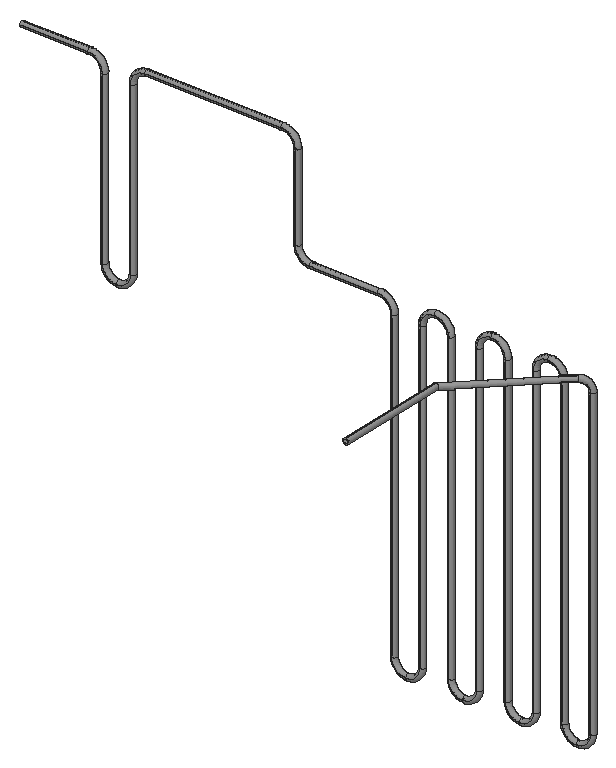
Revit family "pipes2", category Generic Models, Revit 2022
Family settings
  Can host rebar = No
  Round Connector Dimension = Use Diameter
  Part Type = Normal
  Work Plane-Based = No
  Always vertical = Yes
  Cut with Voids When Loaded = No
  Maintain Annotation Orientation = No
  Shared = No
  Room Calculation Point = No
Parameters
  Default Elevation = 0' - 0"
Reference planes (in)
  plane 1 "Center (Front/Back)": y = 0
  plane 2: z = 0
  plane 3 "Center (Left/Right)": x = 0
Forms (in)
  Sweep 1, solid, material "Default New Material"
    path in 3D
      loop
        line (-18.53535, -14.2729, 15.25) -> (-18.53535, -9.2729, 15.25) -> (-15.05229, -5.78984, 15.25)
        arc (-15.05229, -5.78984, 15.25) -> (-14.73979, -5.47734, 15.06694) -> (-14.61035, -5.3479, 14.625) r 0.625
        line (-14.61035, -5.3479, 14.625) -> (-14.61035, -5.3479, 1.125)
        arc (-14.61035, -5.3479, 1.125) -> (-14.79341, -5.3479, 0.68306) -> (-15.23535, -5.3479, 0.5) r 0.625
        arc (-15.23535, -5.3479, 0.5) -> (-15.67729, -5.3479, 0.68306) -> (-15.86035, -5.3479, 1.125) r 0.625
        line (-15.86035, -5.3479, 1.125) -> (-15.86035, -5.3479, 14.625)
        arc (-15.86035, -5.3479, 14.625) -> (-16.04341, -5.3479, 15.06694) -> (-16.48535, -5.3479, 15.25) r 0.625
        arc (-16.48535, -5.3479, 15.25) -> (-16.92729, -5.3479, 15.06694) -> (-17.11035, -5.3479, 14.625) r 0.625
        line (-17.11035, -5.3479, 14.625) -> (-17.11035, -5.3479, 1.125)
        arc (-17.11035, -5.3479, 1.125) -> (-17.29341, -5.3479, 0.68306) -> (-17.73535, -5.3479, 0.5) r 0.625
        arc (-17.73535, -5.3479, 0.5) -> (-18.17729, -5.3479, 0.68306) -> (-18.36035, -5.3479, 1.125) r 0.625
        line (-18.36035, -5.3479, 1.125) -> (-18.36035, -5.3479, 14.625)
        arc (-18.36035, -5.3479, 14.625) -> (-18.54341, -5.3479, 15.06694) -> (-18.98535, -5.3479, 15.25) r 0.625
        arc (-18.98535, -5.3479, 15.25) -> (-19.42729, -5.3479, 15.06694) -> (-19.61035, -5.3479, 14.625) r 0.625
        line (-19.61035, -5.3479, 14.625) -> (-19.61035, -5.3479, 1.125)
        arc (-19.61035, -5.3479, 1.125) -> (-19.79341, -5.3479, 0.68306) -> (-20.23535, -5.3479, 0.5) r 0.625
        arc (-20.23535, -5.3479, 0.5) -> (-20.67729, -5.3479, 0.68306) -> (-20.86035, -5.3479, 1.125) r 0.625
        line (-20.86035, -5.3479, 1.125) -> (-20.86035, -5.3479, 14.625)
        arc (-20.86035, -5.3479, 14.625) -> (-21.04341, -5.3479, 15.06694) -> (-21.48535, -5.3479, 15.25) r 0.625
        arc (-21.48535, -5.3479, 15.25) -> (-21.92729, -5.3479, 15.06694) -> (-22.11035, -5.3479, 14.625) r 0.625
        line (-22.11035, -5.3479, 14.625) -> (-22.11035, -5.3479, 1.125)
        arc (-22.11035, -5.3479, 1.125) -> (-22.29341, -5.3479, 0.68306) -> (-22.73535, -5.3479, 0.5) r 0.625
        arc (-22.73535, -5.3479, 0.5) -> (-23.17729, -5.3479, 0.68306) -> (-23.36035, -5.3479, 1.125) r 0.625
        line (-23.36035, -5.3479, 1.125) -> (-23.36035, -5.3479, 14.625)
        arc (-23.36035, -5.3479, 14.625) -> (-23.54341, -5.3479, 15.06694) -> (-23.98535, -5.3479, 15.25) r 0.625
        line (-23.98535, -5.3479, 15.25) -> (-26.98535, -5.3479, 15.25)
        arc (-26.98535, -5.3479, 15.25) -> (-27.42729, -5.3479, 15.43306) -> (-27.61035, -5.3479, 15.875) r 0.625
        line (-27.61035, -5.3479, 15.875) -> (-27.61035, -5.3479, 19.675)
        arc (-27.61035, -5.3479, 19.675) -> (-27.79341, -5.3479, 20.11694) -> (-28.23535, -5.3479, 20.3) r 0.625
        line (-28.23535, -5.3479, 20.3) -> (-34.23535, -5.3479, 20.3)
        arc (-34.23535, -5.3479, 20.3) -> (-34.67729, -5.3479, 20.11694) -> (-34.86035, -5.3479, 19.675) r 0.625
        line (-34.86035, -5.3479, 19.675) -> (-34.86035, -5.3479, 12.175)
        arc (-34.86035, -5.3479, 12.175) -> (-35.04341, -5.3479, 11.73306) -> (-35.48535, -5.3479, 11.55) r 0.625
        arc (-35.48535, -5.3479, 11.55) -> (-35.92729, -5.3479, 11.73306) -> (-36.11035, -5.3479, 12.175) r 0.625
        line (-36.11035, -5.3479, 12.175) -> (-36.11035, -5.3479, 19.675)
        arc (-36.11035, -5.3479, 19.675) -> (-36.29341, -5.3479, 20.11694) -> (-36.73535, -5.3479, 20.3) r 0.625
        line (-36.73535, -5.3479, 20.3) -> (-39.73535, -5.3479, 20.3)
    profile origin (-23.36035, -5.3479, 7.875) x (-1, 0, 0) y (0, -1, 0)
      loop
        circle (0, 0.125) r 0.125
      loop
        circle (0, 0.125) r 0.09375
Lines and regions (in)
  model lines
    curve 1: line (-14.61035, -5.3479, 14.625) -> (-14.61035, -5.3479, 1.125)
    curve 2: arc (-15.23535, -5.3479, 0.5) -> (-14.79341, -5.3479, 0.68306) -> (-14.61035, -5.3479, 1.125) r 0.625
    curve 3: arc (-17.73535, -5.3479, 0.5) -> (-17.29341, -5.3479, 0.68306) -> (-17.11035, -5.3479, 1.125) r 0.625
    curve 4: line (-17.11035, -5.3479, 1.125) -> (-17.11035, -5.3479, 14.625)
    curve 5: arc (-16.48535, -5.3479, 15.25) -> (-16.92729, -5.3479, 15.06694) -> (-17.11035, -5.3479, 14.625) r 0.625
    curve 6: arc (-15.86035, -5.3479, 1.125) -> (-15.67729, -5.3479, 0.68306) -> (-15.23535, -5.3479, 0.5) r 0.625
    curve 7: arc (-15.86035, -5.3479, 14.625) -> (-16.04341, -5.3479, 15.06694) -> (-16.48535, -5.3479, 15.25) r 0.625
    curve 8: line (-15.86035, -5.3479, 1.125) -> (-15.86035, -5.3479, 14.625)
    curve 9: arc (-20.23535, -5.3479, 0.5) -> (-19.79341, -5.3479, 0.68306) -> (-19.61035, -5.3479, 1.125) r 0.625
    curve 10: line (-19.61035, -5.3479, 1.125) -> (-19.61035, -5.3479, 14.625)
    curve 11: arc (-18.98535, -5.3479, 15.25) -> (-19.42729, -5.3479, 15.06694) -> (-19.61035, -5.3479, 14.625) r 0.625
    curve 12: arc (-18.36035, -5.3479, 1.125) -> (-18.17729, -5.3479, 0.68306) -> (-17.73535, -5.3479, 0.5) r 0.625
    curve 13: arc (-18.36035, -5.3479, 14.625) -> (-18.54341, -5.3479, 15.06694) -> (-18.98535, -5.3479, 15.25) r 0.625
    curve 14: line (-18.36035, -5.3479, 1.125) -> (-18.36035, -5.3479, 14.625)
    curve 15: arc (-22.73535, -5.3479, 0.5) -> (-22.29341, -5.3479, 0.68306) -> (-22.11035, -5.3479, 1.125) r 0.625
    curve 16: line (-22.11035, -5.3479, 1.125) -> (-22.11035, -5.3479, 14.625)
    curve 17: arc (-21.48535, -5.3479, 15.25) -> (-21.92729, -5.3479, 15.06694) -> (-22.11035, -5.3479, 14.625) r 0.625
    curve 18: arc (-20.86035, -5.3479, 1.125) -> (-20.67729, -5.3479, 0.68306) -> (-20.23535, -5.3479, 0.5) r 0.625
    curve 19: arc (-20.86035, -5.3479, 14.625) -> (-21.04341, -5.3479, 15.06694) -> (-21.48535, -5.3479, 15.25) r 0.625
    curve 20: line (-20.86035, -5.3479, 1.125) -> (-20.86035, -5.3479, 14.625)
    curve 21: arc (-23.36035, -5.3479, 1.125) -> (-23.17729, -5.3479, 0.68306) -> (-22.73535, -5.3479, 0.5) r 0.625
    curve 22: line (-23.36035, -5.3479, 1.125) -> (-23.36035, -5.3479, 14.625)
    curve 23: arc (-6.33422, -5.72262, 18.43554) -> (-6.33422, -5.75333, 18.43479) -> (-6.33422, -5.78397, 18.43252) r 0.625
    curve 24: line (-18.53535, -14.2729, 15.25) -> (-18.53535, -9.2729, 15.25)
    curve 25: line (-15.05229, -5.78984, 15.25) -> (-18.53535, -9.2729, 15.25)
    curve 48: arc (-15.05229, -5.78984, 15.25) -> (-14.73979, -5.47734, 15.06694) -> (-14.61035, -5.3479, 14.625) r 0.625
    curve 52: arc (-23.36035, -5.3479, 14.625) -> (-23.54341, -5.3479, 15.06694) -> (-23.98535, -5.3479, 15.25) r 0.625
    curve 53: line (-23.98535, -5.3479, 15.25) -> (-26.98535, -5.3479, 15.25)
    curve 54: arc (-27.61035, -5.3479, 15.875) -> (-27.42729, -5.3479, 15.43306) -> (-26.98535, -5.3479, 15.25) r 0.625
    curve 55: line (-27.61035, -5.3479, 15.875) -> (-27.61035, -5.3479, 19.675)
    curve 56: arc (-27.61035, -5.3479, 19.675) -> (-27.79341, -5.3479, 20.11694) -> (-28.23535, -5.3479, 20.3) r 0.625
    curve 57: line (-28.23535, -5.3479, 20.3) -> (-34.23535, -5.3479, 20.3)
    curve 58: arc (-34.23535, -5.3479, 20.3) -> (-34.67729, -5.3479, 20.11694) -> (-34.86035, -5.3479, 19.675) r 0.625
    curve 59: line (-34.86035, -5.3479, 19.675) -> (-34.86035, -5.3479, 12.175)
    curve 60: arc (-35.48535, -5.3479, 11.55) -> (-35.04341, -5.3479, 11.73306) -> (-34.86035, -5.3479, 12.175) r 0.625
    curve 61: arc (-36.11035, -5.3479, 12.175) -> (-35.92729, -5.3479, 11.73306) -> (-35.48535, -5.3479, 11.55) r 0.625
    curve 62: line (-36.11035, -5.3479, 19.675) -> (-36.11035, -5.3479, 12.175)
    curve 63: arc (-36.11035, -5.3479, 19.675) -> (-36.29341, -5.3479, 20.11694) -> (-36.73535, -5.3479, 20.3) r 0.625
    curve 64: line (-36.73535, -5.3479, 20.3) -> (-39.73535, -5.3479, 20.3)
  sketch lines
    curve 26: line (-23.36035, -5.3479, 1.125) -> (-23.36035, -5.3479, 14.625)
    curve 27: arc (-23.36035, -5.3479, 1.125) -> (-23.17729, -5.3479, 0.68306) -> (-22.73535, -5.3479, 0.5) r 0.625
    curve 28: arc (-22.73535, -5.3479, 0.5) -> (-22.29341, -5.3479, 0.68306) -> (-22.11035, -5.3479, 1.125) r 0.625
    curve 29: line (-22.11035, -5.3479, 1.125) -> (-22.11035, -5.3479, 14.625)
    curve 30: arc (-21.48535, -5.3479, 15.25) -> (-21.92729, -5.3479, 15.06694) -> (-22.11035, -5.3479, 14.625) r 0.625
    curve 31: arc (-20.86035, -5.3479, 14.625) -> (-21.04341, -5.3479, 15.06694) -> (-21.48535, -5.3479, 15.25) r 0.625
    curve 32: line (-20.86035, -5.3479, 1.125) -> (-20.86035, -5.3479, 14.625)
    curve 33: arc (-20.86035, -5.3479, 1.125) -> (-20.67729, -5.3479, 0.68306) -> (-20.23535, -5.3479, 0.5) r 0.625
    curve 34: arc (-20.23535, -5.3479, 0.5) -> (-19.79341, -5.3479, 0.68306) -> (-19.61035, -5.3479, 1.125) r 0.625
    curve 35: line (-19.61035, -5.3479, 1.125) -> (-19.61035, -5.3479, 14.625)
    curve 36: arc (-18.98535, -5.3479, 15.25) -> (-19.42729, -5.3479, 15.06694) -> (-19.61035, -5.3479, 14.625) r 0.625
    curve 37: arc (-18.36035, -5.3479, 14.625) -> (-18.54341, -5.3479, 15.06694) -> (-18.98535, -5.3479, 15.25) r 0.625
    curve 38: line (-18.36035, -5.3479, 1.125) -> (-18.36035, -5.3479, 14.625)
    curve 39: arc (-18.36035, -5.3479, 1.125) -> (-18.17729, -5.3479, 0.68306) -> (-17.73535, -5.3479, 0.5) r 0.625
    curve 40: arc (-17.73535, -5.3479, 0.5) -> (-17.29341, -5.3479, 0.68306) -> (-17.11035, -5.3479, 1.125) r 0.625
    curve 41: line (-17.11035, -5.3479, 1.125) -> (-17.11035, -5.3479, 14.625)
    curve 42: arc (-16.48535, -5.3479, 15.25) -> (-16.92729, -5.3479, 15.06694) -> (-17.11035, -5.3479, 14.625) r 0.625
    curve 43: arc (-15.86035, -5.3479, 14.625) -> (-16.04341, -5.3479, 15.06694) -> (-16.48535, -5.3479, 15.25) r 0.625
    curve 44: line (-15.86035, -5.3479, 1.125) -> (-15.86035, -5.3479, 14.625)
    curve 45: arc (-15.86035, -5.3479, 1.125) -> (-15.67729, -5.3479, 0.68306) -> (-15.23535, -5.3479, 0.5) r 0.625
    curve 46: line (-14.61035, -5.3479, 14.625) -> (-14.61035, -5.3479, 1.125)
    curve 47: arc (-15.23535, -5.3479, 0.5) -> (-14.79341, -5.3479, 0.68306) -> (-14.61035, -5.3479, 1.125) r 0.625
    curve 49: arc (-15.05229, -5.78984, 15.25) -> (-14.73979, -5.47734, 15.06694) -> (-14.61035, -5.3479, 14.625) r 0.625
    curve 50: line (-15.05229, -5.78984, 15.25) -> (-18.53535, -9.2729, 15.25)
    curve 51: line (-18.53535, -14.2729, 15.25) -> (-18.53535, -9.2729, 15.25)
    curve 65: arc (-23.36035, -5.3479, 14.625) -> (-23.54341, -5.3479, 15.06694) -> (-23.98535, -5.3479, 15.25) r 0.625
    curve 66: line (-23.98535, -5.3479, 15.25) -> (-26.98535, -5.3479, 15.25)
    curve 67: arc (-27.61035, -5.3479, 15.875) -> (-27.42729, -5.3479, 15.43306) -> (-26.98535, -5.3479, 15.25) r 0.625
    curve 68: line (-27.61035, -5.3479, 15.875) -> (-27.61035, -5.3479, 19.675)
    curve 69: arc (-27.61035, -5.3479, 19.675) -> (-27.79341, -5.3479, 20.11694) -> (-28.23535, -5.3479, 20.3) r 0.625
    curve 70: line (-28.23535, -5.3479, 20.3) -> (-34.23535, -5.3479, 20.3)
    curve 71: arc (-34.23535, -5.3479, 20.3) -> (-34.67729, -5.3479, 20.11694) -> (-34.86035, -5.3479, 19.675) r 0.625
    curve 72: line (-34.86035, -5.3479, 19.675) -> (-34.86035, -5.3479, 12.175)
    curve 73: arc (-35.48535, -5.3479, 11.55) -> (-35.04341, -5.3479, 11.73306) -> (-34.86035, -5.3479, 12.175) r 0.625
    curve 74: arc (-36.11035, -5.3479, 12.175) -> (-35.92729, -5.3479, 11.73306) -> (-35.48535, -5.3479, 11.55) r 0.625
    curve 75: line (-36.11035, -5.3479, 19.675) -> (-36.11035, -5.3479, 12.175)
    curve 76: arc (-36.11035, -5.3479, 19.675) -> (-36.29341, -5.3479, 20.11694) -> (-36.73535, -5.3479, 20.3) r 0.625
    curve 77: line (-36.73535, -5.3479, 20.3) -> (-39.73535, -5.3479, 20.3)
Dimensions and locks (in)
  aligned and locked: plane 2 to level
